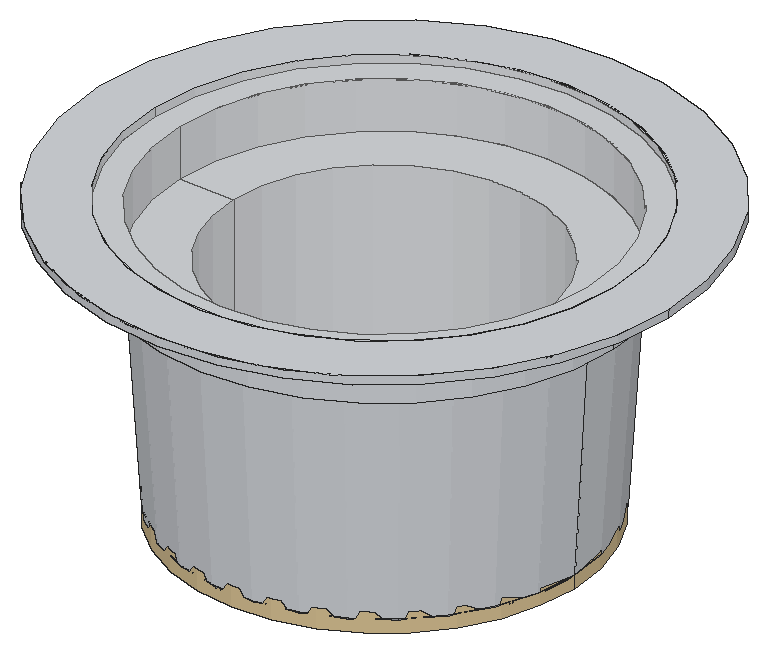
Revit family "Lighting-CommercialSector-GEWISS-ELIA-AL-LED_ACCENT_D145", category Apparecchi per illuminazione, host Superficie, Revit 2019 (continued)
Types (16, lengths in mm): name | Technical sheet | Optic | built-in parameter 1150142 | Lumen output (lm) | Model | IDT | File diagramma fotometrico | Description | Colour temperature: | Colour temperature
  GWF1411GH830 - ELIA AL S2 30K 60° ST.ALONE DALI CRI80 | "https://www.gewiss.com/ww/en/search?q=GWF1100VC840" | "60°" | "IESNA:LM-63-1995\r\n[TEST] 1\r\n[DATE] 27 Nov 2019\r\n[MANUFAC] GEWISS\r\n[LUMCAT] GWF1411GH830\r\n[LUMINAIRE] ELIA AL - S2 60° LED830 18W - DALI\r\n[FLASHAREA] 0.002016\r\n[LAMPCAT] LED 18W/1990lm\r\n[LAMP] LED 18W/1990lm\r\nTILT=NONE\r\n1 1990.00 1.0 91 4 1 2 -0.103 0.000 0.000\r\n1.00 1.00 18.00\r\n0.00 1.00 2.00 3.00 4.00 5.00 6.00 7.00 8.00 9.00 10.00 \r\n11.00 12.00 13.00 14.00 15.00 16.00 17.00 18.00 19.00 \r\n20.00 21.00 22.00 23.00 24.00 25.00 26.00 27.00 28.00 \r\n29.00 30.00 31.00 32.00 33.00 34.00 35.00 36.00 37.00 \r\n38.00 39.00 40.00 41.00 42.00 43.00 44.00 45.00 46.00 \r\n47.00 48.00 49.00 50.00 51.00 52.00 53.00 54.00 55.00 \r\n56.00 57.00 58.00 59.00 60.00 61.00 62.00 63.00 64.00 \r\n65.00 66.00 67.00 68.00 69.00 70.00 71.00 72.00 73.00 \r\n74.00 75.00 76.00 77.00 78.00 79.00 80.00 81.00 82.00 \r\n83.00 84.00 85.00 86.00 87.00 88.00 89.00 90.00 \r\n0.00 30.00 60.00 90.00 \r\n2370.09 2372.08 2375.07 2378.05 2379.05 2375.07 2367.11 \r\n2356.16 2345.22 2332.28 2320.34 2307.41 2289.49 2266.61 \r\n2238.75 2203.93 2159.15 2106.41 2046.71 1977.96 1903.83 \r\n1823.74 1738.56 1647.32 1552.40 1452.80 1351.31 1252.61 \r\n1150.42 1048.53 949.03 855.30 770.63 694.31 625.46 563.47 \r\n507.45 457.40 411.63 369.24 330.14 293.72 259.89 227.46 \r\n196.63 166.02 136.58 108.01 82.11 61.59 45.42 32.45 22.15 \r\n15.36 10.52 6.79 4.32 2.83 2.22 1.89 1.65 1.48 1.30 1.14 \r\n1.03 0.94 0.88 0.83 0.79 0.75 0.70 0.68 0.63 0.60 0.55 \r\n0.51 0.47 0.42 0.36 0.30 0.24 0.18 0.11 0.06 0.00 0.00 \r\n0.00 0.00 0.00 0.00 0.00 \r\n2358.15 2360.14 2363.62 2365.11 2362.63 2357.16 2350.19 \r\n2341.24 2331.28 2319.34 2308.40 2293.47 2275.57 2251.19 \r\n2222.33 2187.01 2142.73 2090.49 2030.89 1964.53 1891.84 \r\n1813.04 1729.81 1641.20 1548.17 1451.01 1350.96 1250.67 \r\n1150.17 1049.03 948.93 856.74 772.57 696.30 628.59 567.20 \r\n511.53 461.48 415.81 373.62 334.02 297.36 263.53 231.09 \r\n199.73 169.14 139.46 110.33 83.69 62.37 46.28 32.93 22.28 \r\n15.40 10.59 6.85 4.26 2.84 2.21 1.86 1.65 1.48 1.30 1.14 \r\n1.02 0.93 0.88 0.82 0.78 0.74 0.70 0.66 0.63 0.59 0.56 \r\n0.51 0.46 0.41 0.37 0.31 0.24 0.17 0.10 0.04 0.00 0.00 \r\n0.00 0.00 0.00 0.00 0.00 \r\n2358.15 2359.64 2363.13 2365.11 2362.63 2358.15 2348.20 \r\n2337.26 2326.31 2314.87 2303.92 2289.99 2271.59 2248.70 \r\n2219.84 2185.02 2141.24 2089.00 2029.45 1962.99 1890.40 \r\n1811.50 1728.07 1639.31 1545.68 1448.02 1348.27 1247.93 \r\n1149.57 1050.52 951.07 857.74 773.02 696.45 628.59 567.40 \r\n512.38 462.63 417.30 375.81 335.91 299.15 266.16 233.43 \r\n201.23 170.50 140.31 110.91 83.58 62.25 46.65 32.93 22.38 \r\n15.47 10.67 6.93 4.20 2.91 2.21 1.87 1.67 1.50 1.33 1.17 \r\n1.03 0.94 0.90 0.84 0.79 0.75 0.71 0.67 0.63 0.60 0.56 \r\n0.51 0.48 0.42 0.37 0.31 0.25 0.18 0.11 0.03 0.00 0.00 \r\n0.00 0.00 0.00 0.00 0.00 \r\n2358.15 2359.14 2364.12 2366.11 2366.11 2360.14 2350.19 \r\n2337.26 2324.32 2312.38 2298.45 2285.51 2266.61 2244.72 \r\n2216.86 2181.04 2136.26 2084.53 2023.33 1957.86 1884.73 \r\n1806.02 1722.64 1634.49 1541.45 1444.14 1344.44 1243.75 \r\n1147.93 1049.03 949.23 856.00 772.02 696.20 628.84 567.45 \r\n512.13 462.38 417.50 376.01 336.11 299.69 266.96 234.92 \r\n201.87 171.08 140.41 111.18 83.37 61.93 46.75 32.79 22.41 \r\n15.53 10.77 7.01 4.16 2.97 2.25 1.92 1.71 1.55 1.38 1.21 \r\n1.05 0.98 0.92 0.86 0.81 0.77 0.73 0.69 0.65 0.61 0.58 \r\n0.52 0.48 0.43 0.37 0.33 0.26 0.19 0.11 0.02 0.00 0.00 \r\n0.00 0.00 0.00 0.00 0.00 \r\n" | "1990" | "GWF1411GH830" | "137c3ecd-1fcb-498c-a250-263d9595df33" | "GWF1411GH830.IES" | "ELIA AL S2 30K 60° ST.ALONE DALI CRI80" | "3000K" | "3000K"
  GWF1411GH930 - ELIA AL S2 30K 60° ST.ALONE DALI CRI90 | "https://www.gewiss.com/ww/en/search?q=GWF1100VC841" | "60°" | "IESNA:LM-63-1995\r\n[TEST] 1\r\n[DATE] 27 Nov 2019\r\n[MANUFAC] GEWISS\r\n[LUMCAT] GWF1411GH930\r\n[LUMINAIRE] ELIA AL - S2 60° LED930 18W - DALI\r\n[FLASHAREA] 0.002016\r\n[LAMPCAT] LED 18W/1700lm\r\n[LAMP] LED 18W/1700lm\r\nTILT=NONE\r\n1 1700.00 1.0 91 4 1 2 -0.103 0.000 0.000\r\n1.00 1.00 18.00\r\n0.00 1.00 2.00 3.00 4.00 5.00 6.00 7.00 8.00 9.00 10.00 \r\n11.00 12.00 13.00 14.00 15.00 16.00 17.00 18.00 19.00 \r\n20.00 21.00 22.00 23.00 24.00 25.00 26.00 27.00 28.00 \r\n29.00 30.00 31.00 32.00 33.00 34.00 35.00 36.00 37.00 \r\n38.00 39.00 40.00 41.00 42.00 43.00 44.00 45.00 46.00 \r\n47.00 48.00 49.00 50.00 51.00 52.00 53.00 54.00 55.00 \r\n56.00 57.00 58.00 59.00 60.00 61.00 62.00 63.00 64.00 \r\n65.00 66.00 67.00 68.00 69.00 70.00 71.00 72.00 73.00 \r\n74.00 75.00 76.00 77.00 78.00 79.00 80.00 81.00 82.00 \r\n83.00 84.00 85.00 86.00 87.00 88.00 89.00 90.00 \r\n0.00 30.00 60.00 90.00 \r\n2024.70 2026.40 2028.95 2031.50 2032.35 2028.95 2022.15 \r\n2012.80 2003.45 1992.40 1982.20 1971.15 1955.85 1936.30 \r\n1912.50 1882.75 1844.50 1799.45 1748.45 1689.72 1626.39 \r\n1557.97 1485.20 1407.26 1326.17 1241.08 1154.38 1070.07 \r\n982.77 895.73 810.73 730.66 658.32 593.13 534.31 481.35 \r\n433.50 390.75 351.64 315.44 282.03 250.92 222.02 194.31 \r\n167.98 141.82 116.68 92.27 70.14 52.61 38.80 27.72 18.93 \r\n13.12 8.98 5.80 3.69 2.42 1.90 1.62 1.41 1.27 1.11 0.98 \r\n0.88 0.80 0.75 0.71 0.67 0.64 0.60 0.58 0.54 0.51 0.47 \r\n0.44 0.40 0.36 0.31 0.26 0.20 0.15 0.10 0.05 0.00 0.00 \r\n0.00 0.00 0.00 0.00 0.00 \r\n2014.50 2016.20 2019.17 2020.45 2018.33 2013.65 2007.70 \r\n2000.05 1991.55 1981.35 1972.00 1959.25 1943.95 1923.13 \r\n1898.47 1868.30 1830.47 1785.85 1734.93 1678.24 1616.15 \r\n1548.83 1477.72 1402.03 1322.56 1239.55 1154.09 1068.41 \r\n982.56 896.15 810.64 731.89 659.98 594.83 536.99 484.54 \r\n436.99 394.23 355.21 319.18 285.34 254.02 225.12 197.41 \r\n170.62 144.49 119.14 94.25 71.49 53.28 39.54 28.13 19.03 \r\n13.16 9.05 5.86 3.64 2.43 1.89 1.59 1.41 1.27 1.11 0.98 \r\n0.87 0.80 0.75 0.70 0.66 0.63 0.60 0.57 0.53 0.50 0.47 \r\n0.43 0.39 0.35 0.31 0.26 0.21 0.15 0.08 0.04 0.00 0.00 \r\n0.00 0.00 0.00 0.00 0.00 \r\n2014.50 2015.77 2018.75 2020.45 2018.33 2014.50 2006.00 \r\n1996.65 1987.30 1977.52 1968.17 1956.27 1940.55 1921.00 \r\n1896.35 1866.60 1829.20 1784.58 1733.70 1676.92 1614.91 \r\n1547.51 1476.24 1400.42 1320.43 1237.00 1151.79 1066.07 \r\n982.05 897.43 812.47 732.74 660.37 594.96 536.99 484.71 \r\n437.71 395.21 356.49 321.04 286.96 255.55 227.38 199.41 \r\n171.91 145.65 119.87 94.75 71.40 53.18 39.85 28.14 19.12 \r\n13.21 9.12 5.92 3.59 2.48 1.89 1.60 1.43 1.28 1.13 1.00 \r\n0.88 0.81 0.77 0.72 0.68 0.64 0.61 0.58 0.54 0.51 0.48 \r\n0.44 0.41 0.36 0.32 0.27 0.22 0.16 0.09 0.02 0.00 0.00 \r\n0.00 0.00 0.00 0.00 0.00 \r\n2014.50 2015.35 2019.60 2021.30 2021.30 2016.20 2007.70 \r\n1996.65 1985.60 1975.40 1963.50 1952.45 1936.30 1917.60 \r\n1893.80 1863.20 1824.95 1780.75 1728.47 1672.55 1610.07 \r\n1542.83 1471.61 1396.30 1316.82 1233.69 1148.52 1062.50 \r\n980.64 896.15 810.90 731.25 659.51 594.75 537.20 484.75 \r\n437.50 395.00 356.66 321.21 287.13 256.02 228.06 200.69 \r\n172.45 146.15 119.95 94.98 71.22 52.90 39.93 28.01 19.14 \r\n13.27 9.20 5.99 3.55 2.53 1.93 1.64 1.46 1.32 1.18 1.03 \r\n0.90 0.84 0.78 0.74 0.69 0.66 0.63 0.59 0.56 0.52 0.50 \r\n0.45 0.41 0.37 0.32 0.28 0.22 0.16 0.09 0.02 0.00 0.00 \r\n0.00 0.00 0.00 0.00 0.00 \r\n" | "1790" | "GWF1411GH930" | "6ccece57-cde4-42aa-8f7c-a9bb11c9745b" | "GWF1411GH930.IES" | "ELIA AL S2 30K 60° ST.ALONE DALI CRI90" | "3000K" | "3000K"
  GWF1410GH830 - ELIA AL S2 30K 60° ST.ALONE ON/OFF CRI80 | "https://www.gewiss.com/ww/en/search?q=GWF1100VC842" | "60°" | "IESNA:LM-63-1995\r\n[TEST] 1\r\n[DATE] 27 Nov 2019\r\n[MANUFAC] GEWISS\r\n[LUMCAT] GWF1410GH830\r\n[LUMINAIRE] ELIA AL - S2 60° LED830 18W\r\n[FLASHAREA] 0.002016\r\n[LAMPCAT] LED 18W/1990lm\r\n[LAMP] LED 18W/1990lm\r\nTILT=NONE\r\n1 1990.00 1.0 91 4 1 2 -0.103 0.000 0.000\r\n1.00 1.00 18.00\r\n0.00 1.00 2.00 3.00 4.00 5.00 6.00 7.00 8.00 9.00 10.00 \r\n11.00 12.00 13.00 14.00 15.00 16.00 17.00 18.00 19.00 \r\n20.00 21.00 22.00 23.00 24.00 25.00 26.00 27.00 28.00 \r\n29.00 30.00 31.00 32.00 33.00 34.00 35.00 36.00 37.00 \r\n38.00 39.00 40.00 41.00 42.00 43.00 44.00 45.00 46.00 \r\n47.00 48.00 49.00 50.00 51.00 52.00 53.00 54.00 55.00 \r\n56.00 57.00 58.00 59.00 60.00 61.00 62.00 63.00 64.00 \r\n65.00 66.00 67.00 68.00 69.00 70.00 71.00 72.00 73.00 \r\n74.00 75.00 76.00 77.00 78.00 79.00 80.00 81.00 82.00 \r\n83.00 84.00 85.00 86.00 87.00 88.00 89.00 90.00 \r\n0.00 30.00 60.00 90.00 \r\n2370.09 2372.08 2375.07 2378.05 2379.05 2375.07 2367.11 \r\n2356.16 2345.22 2332.28 2320.34 2307.41 2289.49 2266.61 \r\n2238.75 2203.93 2159.15 2106.41 2046.71 1977.96 1903.83 \r\n1823.74 1738.56 1647.32 1552.40 1452.80 1351.31 1252.61 \r\n1150.42 1048.53 949.03 855.30 770.63 694.31 625.46 563.47 \r\n507.45 457.40 411.63 369.24 330.14 293.72 259.89 227.46 \r\n196.63 166.02 136.58 108.01 82.11 61.59 45.42 32.45 22.15 \r\n15.36 10.52 6.79 4.32 2.83 2.22 1.89 1.65 1.48 1.30 1.14 \r\n1.03 0.94 0.88 0.83 0.79 0.75 0.70 0.68 0.63 0.60 0.55 \r\n0.51 0.47 0.42 0.36 0.30 0.24 0.18 0.11 0.06 0.00 0.00 \r\n0.00 0.00 0.00 0.00 0.00 \r\n2358.15 2360.14 2363.62 2365.11 2362.63 2357.16 2350.19 \r\n2341.24 2331.28 2319.34 2308.40 2293.47 2275.57 2251.19 \r\n2222.33 2187.01 2142.73 2090.49 2030.89 1964.53 1891.84 \r\n1813.04 1729.81 1641.20 1548.17 1451.01 1350.96 1250.67 \r\n1150.17 1049.03 948.93 856.74 772.57 696.30 628.59 567.20 \r\n511.53 461.48 415.81 373.62 334.02 297.36 263.53 231.09 \r\n199.73 169.14 139.46 110.33 83.69 62.37 46.28 32.93 22.28 \r\n15.40 10.59 6.85 4.26 2.84 2.21 1.86 1.65 1.48 1.30 1.14 \r\n1.02 0.93 0.88 0.82 0.78 0.74 0.70 0.66 0.63 0.59 0.56 \r\n0.51 0.46 0.41 0.37 0.31 0.24 0.17 0.10 0.04 0.00 0.00 \r\n0.00 0.00 0.00 0.00 0.00 \r\n2358.15 2359.64 2363.13 2365.11 2362.63 2358.15 2348.20 \r\n2337.26 2326.31 2314.87 2303.92 2289.99 2271.59 2248.70 \r\n2219.84 2185.02 2141.24 2089.00 2029.45 1962.99 1890.40 \r\n1811.50 1728.07 1639.31 1545.68 1448.02 1348.27 1247.93 \r\n1149.57 1050.52 951.07 857.74 773.02 696.45 628.59 567.40 \r\n512.38 462.63 417.30 375.81 335.91 299.15 266.16 233.43 \r\n201.23 170.50 140.31 110.91 83.58 62.25 46.65 32.93 22.38 \r\n15.47 10.67 6.93 4.20 2.91 2.21 1.87 1.67 1.50 1.33 1.17 \r\n1.03 0.94 0.90 0.84 0.79 0.75 0.71 0.67 0.63 0.60 0.56 \r\n0.51 0.48 0.42 0.37 0.31 0.25 0.18 0.11 0.03 0.00 0.00 \r\n0.00 0.00 0.00 0.00 0.00 \r\n2358.15 2359.14 2364.12 2366.11 2366.11 2360.14 2350.19 \r\n2337.26 2324.32 2312.38 2298.45 2285.51 2266.61 2244.72 \r\n2216.86 2181.04 2136.26 2084.53 2023.33 1957.86 1884.73 \r\n1806.02 1722.64 1634.49 1541.45 1444.14 1344.44 1243.75 \r\n1147.93 1049.03 949.23 856.00 772.02 696.20 628.84 567.45 \r\n512.13 462.38 417.50 376.01 336.11 299.69 266.96 234.92 \r\n201.87 171.08 140.41 111.18 83.37 61.93 46.75 32.79 22.41 \r\n15.53 10.77 7.01 4.16 2.97 2.25 1.92 1.71 1.55 1.38 1.21 \r\n1.05 0.98 0.92 0.86 0.81 0.77 0.73 0.69 0.65 0.61 0.58 \r\n0.52 0.48 0.43 0.37 0.33 0.26 0.19 0.11 0.02 0.00 0.00 \r\n0.00 0.00 0.00 0.00 0.00 \r\n" | "1990" | "GWF1410GH830" | "58a6f0a5-07d3-40df-8194-6b6163f1265f" | "GWF1410GH830.IES" | "ELIA AL S2 30K 60° ST.ALONE ON/OFF CRI80" | "3000K" | "3000K"
  GWF1410GH930 - ELIA AL S2 30K 60° ST.ALONE ON/OFF CRI90 | "https://www.gewiss.com/ww/en/search?q=GWF1100VC843" | "60°" | "IESNA:LM-63-1995\r\n[TEST] 1\r\n[DATE] 27 Nov 2019\r\n[MANUFAC] GEWISS\r\n[LUMCAT] GWF1410GH930\r\n[LUMINAIRE] ELIA AL - S2 60° LED930 18W\r\n[FLASHAREA] 0.002016\r\n[LAMPCAT] LED 18W/1700lm\r\n[LAMP] LED 18W/1700lm\r\nTILT=NONE\r\n1 1700.00 1.0 91 4 1 2 -0.103 0.000 0.000\r\n1.00 1.00 18.00\r\n0.00 1.00 2.00 3.00 4.00 5.00 6.00 7.00 8.00 9.00 10.00 \r\n11.00 12.00 13.00 14.00 15.00 16.00 17.00 18.00 19.00 \r\n20.00 21.00 22.00 23.00 24.00 25.00 26.00 27.00 28.00 \r\n29.00 30.00 31.00 32.00 33.00 34.00 35.00 36.00 37.00 \r\n38.00 39.00 40.00 41.00 42.00 43.00 44.00 45.00 46.00 \r\n47.00 48.00 49.00 50.00 51.00 52.00 53.00 54.00 55.00 \r\n56.00 57.00 58.00 59.00 60.00 61.00 62.00 63.00 64.00 \r\n65.00 66.00 67.00 68.00 69.00 70.00 71.00 72.00 73.00 \r\n74.00 75.00 76.00 77.00 78.00 79.00 80.00 81.00 82.00 \r\n83.00 84.00 85.00 86.00 87.00 88.00 89.00 90.00 \r\n0.00 30.00 60.00 90.00 \r\n2024.70 2026.40 2028.95 2031.50 2032.35 2028.95 2022.15 \r\n2012.80 2003.45 1992.40 1982.20 1971.15 1955.85 1936.30 \r\n1912.50 1882.75 1844.50 1799.45 1748.45 1689.72 1626.39 \r\n1557.97 1485.20 1407.26 1326.17 1241.08 1154.38 1070.07 \r\n982.77 895.73 810.73 730.66 658.32 593.13 534.31 481.35 \r\n433.50 390.75 351.64 315.44 282.03 250.92 222.02 194.31 \r\n167.98 141.82 116.68 92.27 70.14 52.61 38.80 27.72 18.93 \r\n13.12 8.98 5.80 3.69 2.42 1.90 1.62 1.41 1.27 1.11 0.98 \r\n0.88 0.80 0.75 0.71 0.67 0.64 0.60 0.58 0.54 0.51 0.47 \r\n0.44 0.40 0.36 0.31 0.26 0.20 0.15 0.10 0.05 0.00 0.00 \r\n0.00 0.00 0.00 0.00 0.00 \r\n2014.50 2016.20 2019.17 2020.45 2018.33 2013.65 2007.70 \r\n2000.05 1991.55 1981.35 1972.00 1959.25 1943.95 1923.13 \r\n1898.47 1868.30 1830.47 1785.85 1734.93 1678.24 1616.15 \r\n1548.83 1477.72 1402.03 1322.56 1239.55 1154.09 1068.41 \r\n982.56 896.15 810.64 731.89 659.98 594.83 536.99 484.54 \r\n436.99 394.23 355.21 319.18 285.34 254.02 225.12 197.41 \r\n170.62 144.49 119.14 94.25 71.49 53.28 39.54 28.13 19.03 \r\n13.16 9.05 5.86 3.64 2.43 1.89 1.59 1.41 1.27 1.11 0.98 \r\n0.87 0.80 0.75 0.70 0.66 0.63 0.60 0.57 0.53 0.50 0.47 \r\n0.43 0.39 0.35 0.31 0.26 0.21 0.15 0.08 0.04 0.00 0.00 \r\n0.00 0.00 0.00 0.00 0.00 \r\n2014.50 2015.77 2018.75 2020.45 2018.33 2014.50 2006.00 \r\n1996.65 1987.30 1977.52 1968.17 1956.27 1940.55 1921.00 \r\n1896.35 1866.60 1829.20 1784.58 1733.70 1676.92 1614.91 \r\n1547.51 1476.24 1400.42 1320.43 1237.00 1151.79 1066.07 \r\n982.05 897.43 812.47 732.74 660.37 594.96 536.99 484.71 \r\n437.71 395.21 356.49 321.04 286.96 255.55 227.38 199.41 \r\n171.91 145.65 119.87 94.75 71.40 53.18 39.85 28.14 19.12 \r\n13.21 9.12 5.92 3.59 2.48 1.89 1.60 1.43 1.28 1.13 1.00 \r\n0.88 0.81 0.77 0.72 0.68 0.64 0.61 0.58 0.54 0.51 0.48 \r\n0.44 0.41 0.36 0.32 0.27 0.22 0.16 0.09 0.02 0.00 0.00 \r\n0.00 0.00 0.00 0.00 0.00 \r\n2014.50 2015.35 2019.60 2021.30 2021.30 2016.20 2007.70 \r\n1996.65 1985.60 1975.40 1963.50 1952.45 1936.30 1917.60 \r\n1893.80 1863.20 1824.95 1780.75 1728.47 1672.55 1610.07 \r\n1542.83 1471.61 1396.30 1316.82 1233.69 1148.52 1062.50 \r\n980.64 896.15 810.90 731.25 659.51 594.75 537.20 484.75 \r\n437.50 395.00 356.66 321.21 287.13 256.02 228.06 200.69 \r\n172.45 146.15 119.95 94.98 71.22 52.90 39.93 28.01 19.14 \r\n13.27 9.20 5.99 3.55 2.53 1.93 1.64 1.46 1.32 1.18 1.03 \r\n0.90 0.84 0.78 0.74 0.69 0.66 0.63 0.59 0.56 0.52 0.50 \r\n0.45 0.41 0.37 0.32 0.28 0.22 0.16 0.09 0.02 0.00 0.00 \r\n0.00 0.00 0.00 0.00 0.00 \r\n" | "1790" | "GWF1410GH930" | "6e5981cf-2a59-4900-9b00-76b8a8b50748" | "GWF1410GH930.IES" | "ELIA AL S2 30K 60° ST.ALONE ON/OFF CRI90" | "3000K" | "3000K"
  GWF1411GG840 - ELIA AL S2 40K 36° ST.ALONE DALI CRI80 | "https://www.gewiss.com/ww/en/search?q=GWF1100VC844" | "36°" | "IESNA:LM-63-1995\r\n[TEST] 1\r\n[DATE] 27 Nov 2019\r\n[MANUFAC] GEWISS\r\n[LUMCAT] GWF1411GG840\r\n[LUMINAIRE] ELIA AL - S2 36° LED840 18W - DALI\r\n[FLASHAREA] 0.002016\r\n[LAMPCAT] LED 18W/2030lm\r\n[LAMP] LED 18W/2030lm\r\nTILT=NONE\r\n1 2030.00 1.0 91 4 1 2 -0.103 0.000 0.000\r\n1.00 1.00 18.00\r\n0.00 1.00 2.00 3.00 4.00 5.00 6.00 7.00 8.00 9.00 10.00 \r\n11.00 12.00 13.00 14.00 15.00 16.00 17.00 18.00 19.00 \r\n20.00 21.00 22.00 23.00 24.00 25.00 26.00 27.00 28.00 \r\n29.00 30.00 31.00 32.00 33.00 34.00 35.00 36.00 37.00 \r\n38.00 39.00 40.00 41.00 42.00 43.00 44.00 45.00 46.00 \r\n47.00 48.00 49.00 50.00 51.00 52.00 53.00 54.00 55.00 \r\n56.00 57.00 58.00 59.00 60.00 61.00 62.00 63.00 64.00 \r\n65.00 66.00 67.00 68.00 69.00 70.00 71.00 72.00 73.00 \r\n74.00 75.00 76.00 77.00 78.00 79.00 80.00 81.00 82.00 \r\n83.00 84.00 85.00 86.00 87.00 88.00 89.00 90.00 \r\n0.00 30.00 60.00 90.00 \r\n4384.80 4371.60 4342.17 4301.57 4251.84 4183.83 4092.48 \r\n3996.05 3877.30 3746.36 3603.25 3442.88 3271.34 3088.64 \r\n2897.82 2707.00 2508.06 2312.37 2120.33 1936.21 1759.30 \r\n1595.78 1445.66 1301.74 1178.11 1066.36 965.57 877.97 \r\n799.01 728.87 666.75 611.13 560.79 515.01 474.21 436.96 \r\n400.82 368.34 337.59 309.27 280.04 253.04 226.18 197.86 \r\n169.18 140.09 111.73 87.76 67.22 48.19 32.87 23.25 17.20 \r\n11.67 7.91 5.84 4.59 3.70 3.04 2.51 2.13 1.83 1.55 1.38 \r\n1.24 1.11 1.05 1.00 0.94 0.90 0.83 0.80 0.74 0.69 0.65 \r\n0.59 0.54 0.49 0.41 0.34 0.25 0.16 0.11 0.04 0.00 0.00 \r\n0.00 0.00 0.00 0.00 0.00 \r\n4369.57 4361.45 4332.02 4294.46 4238.13 4173.17 4087.40 \r\n3989.96 3874.76 3740.27 3593.10 3431.71 3260.18 3077.99 \r\n2891.73 2699.90 2504.00 2309.18 2118.36 1932.10 1757.88 \r\n1593.40 1443.74 1306.46 1180.24 1068.03 968.06 879.35 \r\n800.68 731.00 668.53 613.92 565.20 520.59 480.96 443.91 \r\n410.31 377.33 347.43 319.07 290.54 262.86 236.01 206.14 \r\n176.79 146.31 116.01 89.18 66.30 46.79 32.01 22.44 16.02 \r\n10.52 7.30 5.52 4.38 3.60 2.99 2.51 2.13 1.82 1.54 1.36 \r\n1.24 1.13 1.06 1.02 0.98 0.90 0.85 0.81 0.75 0.71 0.65 \r\n0.60 0.54 0.48 0.41 0.33 0.25 0.15 0.08 0.04 0.00 0.00 \r\n0.00 0.00 0.00 0.00 0.00 \r\n4370.59 4360.44 4336.59 4295.48 4243.71 4177.23 4095.52 \r\n3993.01 3878.82 3741.80 3595.13 3432.22 3259.16 3080.02 \r\n2893.76 2701.93 2507.05 2312.47 2120.44 1938.45 1762.55 \r\n1599.49 1451.45 1314.63 1189.48 1076.51 975.57 886.40 \r\n806.67 737.04 675.23 620.88 572.92 529.93 491.67 456.39 \r\n423.81 392.70 362.86 333.88 306.58 278.58 250.39 220.55 \r\n189.44 156.68 123.06 91.23 64.50 45.12 31.61 21.67 14.00 \r\n9.26 6.75 5.29 4.29 3.54 2.98 2.54 2.14 1.79 1.54 1.37 \r\n1.25 1.16 1.10 1.04 0.98 0.93 0.87 0.83 0.77 0.72 0.67 \r\n0.62 0.56 0.49 0.43 0.35 0.25 0.18 0.12 0.05 0.00 0.00 \r\n0.00 0.00 0.00 0.00 0.00 \r\n4370.59 4359.42 4338.11 4298.52 4242.70 4176.72 4092.48 \r\n3988.95 3873.24 3746.36 3595.13 3431.71 3260.18 3078.49 \r\n2892.75 2703.96 2509.08 2315.21 2123.68 1939.36 1767.11 \r\n1606.74 1460.08 1317.88 1193.13 1079.86 978.76 888.84 \r\n810.07 739.33 676.80 622.30 575.40 533.48 496.23 459.39 \r\n427.72 397.27 367.02 338.60 311.60 283.98 255.13 224.89 \r\n192.92 159.33 123.50 89.24 60.62 42.72 31.53 21.00 12.88 \r\n8.78 6.64 5.25 4.29 3.56 3.01 2.57 2.16 1.80 1.57 1.36 \r\n1.26 1.18 1.12 1.06 1.00 0.96 0.89 0.84 0.79 0.75 0.68 \r\n0.63 0.57 0.50 0.44 0.36 0.26 0.19 0.14 0.03 0.00 0.00 \r\n0.00 0.00 0.00 0.00 0.00 \r\n" | "2030" | "GWF1411GG840" | "8ad813b3-5fdb-44ba-9abe-b8470bae26bb" | "GWF1411GG840.IES" | "ELIA AL S2 40K 36° ST.ALONE DALI CRI80" | "4000K" | "4000K"
  GWF1411GG940 - ELIA AL S2 40K 36° ST.ALONE DALI CRI90 | "https://www.gewiss.com/ww/en/search?q=GWF1100VC845" | "36°" | "IESNA:LM-63-1995\r\n[TEST] 1\r\n[DATE] 27 Nov 2019\r\n[MANUFAC] GEWISS\r\n[LUMCAT] GWF1411GG940\r\n[LUMINAIRE] ELIA AL - S2 36° LED940 18W - DALI\r\n[FLASHAREA] 0.002016\r\n[LAMPCAT] LED 18W/1700lm\r\n[LAMP] LED 18W/1700lm\r\nTILT=NONE\r\n1 1700.00 1.0 91 4 1 2 -0.103 0.000 0.000\r\n1.00 1.00 18.00\r\n0.00 1.00 2.00 3.00 4.00 5.00 6.00 7.00 8.00 9.00 10.00 \r\n11.00 12.00 13.00 14.00 15.00 16.00 17.00 18.00 19.00 \r\n20.00 21.00 22.00 23.00 24.00 25.00 26.00 27.00 28.00 \r\n29.00 30.00 31.00 32.00 33.00 34.00 35.00 36.00 37.00 \r\n38.00 39.00 40.00 41.00 42.00 43.00 44.00 45.00 46.00 \r\n47.00 48.00 49.00 50.00 51.00 52.00 53.00 54.00 55.00 \r\n56.00 57.00 58.00 59.00 60.00 61.00 62.00 63.00 64.00 \r\n65.00 66.00 67.00 68.00 69.00 70.00 71.00 72.00 73.00 \r\n74.00 75.00 76.00 77.00 78.00 79.00 80.00 81.00 82.00 \r\n83.00 84.00 85.00 86.00 87.00 88.00 89.00 90.00 \r\n0.00 30.00 60.00 90.00 \r\n3672.00 3660.95 3636.30 3602.30 3560.65 3503.70 3427.20 \r\n3346.45 3247.00 3137.35 3017.50 2883.20 2739.55 2586.55 \r\n2426.75 2266.95 2100.35 1936.47 1775.65 1621.46 1473.30 \r\n1336.37 1210.65 1090.13 986.60 893.01 808.60 735.25 \r\n669.12 610.38 558.37 511.79 469.63 431.29 397.12 365.93 \r\n335.66 308.46 282.71 259.00 234.51 211.91 189.41 165.70 \r\n141.68 117.32 93.57 73.49 56.30 40.36 27.53 19.47 14.40 \r\n9.78 6.63 4.89 3.84 3.10 2.54 2.10 1.78 1.53 1.30 1.15 \r\n1.04 0.93 0.88 0.83 0.78 0.75 0.70 0.67 0.62 0.58 0.54 \r\n0.49 0.46 0.41 0.34 0.28 0.21 0.13 0.09 0.04 0.00 0.00 \r\n0.00 0.00 0.00 0.00 0.00 \r\n3659.25 3652.45 3627.80 3596.35 3549.17 3494.78 3422.95 \r\n3341.35 3244.88 3132.25 3009.00 2873.85 2730.20 2577.63 \r\n2421.65 2261.00 2096.95 1933.79 1773.99 1618.02 1472.12 \r\n1334.37 1209.04 1094.08 988.38 894.41 810.69 736.40 \r\n670.52 612.17 559.85 514.12 473.32 435.96 402.77 371.75 \r\n343.61 315.99 290.95 267.20 243.31 220.13 197.64 172.63 \r\n148.05 122.52 97.16 74.68 55.52 39.18 26.81 18.79 13.41 \r\n8.81 6.11 4.62 3.67 3.01 2.50 2.10 1.79 1.52 1.29 1.14 \r\n1.04 0.95 0.89 0.85 0.82 0.75 0.71 0.67 0.63 0.60 0.54 \r\n0.50 0.46 0.40 0.34 0.28 0.21 0.13 0.06 0.04 0.00 0.00 \r\n0.00 0.00 0.00 0.00 0.00 \r\n3660.10 3651.60 3631.63 3597.20 3553.85 3498.17 3429.75 \r\n3343.90 3248.28 3133.53 3010.70 2874.28 2729.35 2579.32 \r\n2423.35 2262.70 2099.50 1936.56 1775.73 1623.33 1476.02 \r\n1339.47 1215.50 1100.92 996.12 901.51 816.98 742.30 \r\n675.54 617.23 565.46 519.95 479.78 443.79 411.74 382.20 \r\n354.92 328.86 303.88 279.61 256.74 233.29 209.68 184.70 \r\n158.64 131.21 103.05 76.40 54.02 37.79 26.47 18.14 11.73 \r\n7.75 5.66 4.43 3.59 2.97 2.49 2.12 1.79 1.50 1.29 1.15 \r\n1.04 0.97 0.92 0.87 0.82 0.78 0.73 0.69 0.65 0.60 0.56 \r\n0.52 0.47 0.41 0.36 0.29 0.21 0.15 0.10 0.04 0.00 0.00 \r\n0.00 0.00 0.00 0.00 0.00 \r\n3660.10 3650.75 3632.90 3599.75 3553.00 3497.75 3427.20 \r\n3340.50 3243.60 3137.35 3010.70 2873.85 2730.20 2578.05 \r\n2422.50 2264.40 2101.20 1938.85 1778.46 1624.10 1479.85 \r\n1345.55 1222.72 1103.64 999.17 904.32 819.65 744.35 \r\n678.38 619.14 566.78 521.13 481.86 446.76 415.56 384.71 \r\n358.19 332.69 307.36 283.56 260.95 237.81 213.66 188.33 \r\n161.56 133.43 103.42 74.73 50.76 35.78 26.40 17.58 10.78 \r\n7.35 5.56 4.40 3.59 2.98 2.52 2.15 1.81 1.51 1.31 1.14 \r\n1.06 0.99 0.94 0.89 0.84 0.80 0.75 0.70 0.67 0.63 0.57 \r\n0.53 0.48 0.42 0.37 0.30 0.22 0.16 0.12 0.03 0.00 0.00 \r\n0.00 0.00 0.00 0.00 0.00 \r\n" | "1800" | "GWF1411GG940" | "9112fd07-0ae1-431f-a273-73eb38d89288" | "GWF1411GG940.IES" | "ELIA AL S2 40K 36° ST.ALONE DALI CRI90" | "4000K" | "4000K"
